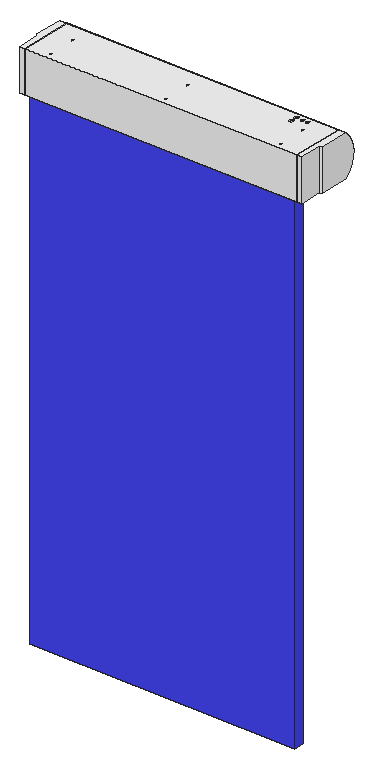
Revit family "Thermoscreens_AirCurtain_PHV1500", category Mechanical Equipment, Revit 2015
Parameters (values of type "PHV ENT1500")
  Weight = "45Kg"
  Warranty = "unit cover from date of purchase for 2 years"
  Version = "1.0"
  UnitWidth = 317 mm
  UnitLength = 1660 mm
  UnitHeight = 255 mm
  URL = "http://www.thermoscreens.com/"
  Type Comments = "n/a"
  TemperatureClassifaction = "low temperature"
  Supply(5Hz) = "400V3P&N"
  RightHand = no
  ProductURL = "http://www.thermoscreens.com/our-product-range/phv-range"
  Model = "PHV ENT"
  MaxiumMountingHeight = "maxium mounting height is up to 4 meters"
  Max.Velocity(m/s) = "12.0"
  Max.AirVolume (m3/h) = "4020"
  Material = "20g bondcoat"
  Manufacturer = "Thermoscreens ltd"
  Loading (A)*PerPhase = "27.9"
  LeftHand = yes
  Keynote = "n/a"
  Help = "http://www.thermoscreens.com/contact-us"
  HeatSource = "Electric heated elements or low pressure hot water coils"
  Heat Output = "9/18"
  Finish = "pre painted textured RAL 9010"
  Description = "Thermoscreens PHV range of air curtains will provide climate separation and available in standard widths of 1, 1.5 and 2m.  Models available are ambient (without heating), electrical or water heated versions. Water heated (LPHW) versions are available with 2 and 3 row coils. Motorised three port valves are supplied as standard with all LPHW models. Electrical and LPHW models are supplied complete with Ecopower control."
  Cost = 0
  CenterY = UnitLength / 2  # 830 mm
  CenterX = UnitWidth / 2  # 158.5 mm
  Author = "Thermoscreens ltd"
  Assembly Code = "n/a"
  **dB(A)@3mMed = "57"
  **dB(A)@3mLow = "53"
  **dB(A)@3mHigh = "60"
Types (5, lengths in mm): name | Weight | Supply(5Hz) | Model | Max.Velocity(m/s) | Max.AirVolume (m3/h) | Material | Loading (A)*PerPhase | Heat Output
  (no name) | "45Kg" | "400V3P&N" | "PHV ENT" | "12.0" | "4020" | "20g bondcoat" | "27.9" | "9/18"
  PHV ANT1500 | "43Kg" | "230V1P&N" | "PHV ANT" | "12.0" | "4020" | "20 gauge sheet steel" | "1.8" | "n/a"
  PHV ENT1500 | "45Kg" | "400V3P&N" | "PHV ENT" | "12.0" | "4020" | "20g bondcoat" | "27.9" | "9/18"
  PHV 82/71 WNT 1500 | "47Kg" | "230V1P&N" | "PHV 82/71 WNT" | "11" | "3670" | "20g bondcoat" | "1.8" | "18"
  PHV 60/40 WNT1500 | "47Kg" | "230V1P&N" | "PHV 60/40 WNT" | "10.5" | "3300" | "20g bondcoat" | "1.8" | "18"
Reference planes
  plane 1 "Center (Front/Back)": y = 0
  plane 2: z = 0
  plane 3 "Center (Left/Right)": x = 0
Forms (mm)
  Extrusion 1, solid, material "Default"
    sketch origin (0, 0, 0) x (1, 0, 0) y (0, 1, 0)
      loop
        line (-830, 158.5) -> (-830, -158.5) -> (830, -158.5) -> (830, 158.5) -> (-830, 158.5)
    from 0 to -0.9
  Extrusion 2, solid, material "Default"
    sketch origin (830, -158.5, 0) x (-1, 0, 0) y (0, 0, -1)
      loop
        line (1660, 0.9) -> (0, 0.9) -> (0, -254.1) -> (1660, -254.1) -> (1660, 0.9)
    from 0 to -0.9
  Extrusion 3, solid, material "Default"
    sketch origin (-830, -158.5, 254.1) x (1, 0, 0) y (0, 1, 0)
      loop
        line (0, 0) -> (1660, 0) -> (1660, 317) -> (0, 317) -> (0, 0)
    from 0 to -0.9
  Extrusion 4, solid, material "Default"
    sketch origin (830, -158.5, 254.1) x (0, 0, -1) y (0, 1, 0)
      loop
        line (0, 317) -> (255, 317) -> (220, 347)
        arc (220, 347) -> (127.5, 377) -> (35, 347) r 157.604
        line (35, 347) -> (0, 317)
    from 0 to -1660
  Extrusion 5, solid, material "Default"
    sketch origin (830, -158.5, 254.1) x (0, 0, -1) y (0, 1, 0)
      loop
        line (0, 317) -> (0, 0) -> (255, 0) -> (255, 317) -> (220, 347)
        arc (220, 347) -> (127.5, 377) -> (35, 347) r 157.604
        line (35, 347) -> (0, 317)
    from 0 to 30
  Extrusion 6, solid, material "Default"
    sketch origin (860, -158.5, 254.1) x (0, 0, -1) y (0, 1, 0)
      loop
        line (0, 317) -> (0, 130) -> (255, 130) -> (255, 317) -> (220, 347)
        arc (220, 347) -> (127.5, 377) -> (35, 347) r 157.604
        line (35, 347) -> (0, 317)
    from 0 to 13
  Extrusion 7, void
    sketch origin (860, 101.5, 254.1) x (1, 0, 0) y (0, -1, 0)
      loop
        line (13, 130) -> (0, 130) -> (13, 117) -> (13, 130)
    from 0 to 255
  Extrusion 8, solid, material "Default"
    sketch origin (-830, -158.5, -0.9) x (0, 0, 1) y (0, 1, 0)
      loop
        line (0, 0) -> (255, 0) -> (255, 317) -> (220, 347)
        arc (220, 347) -> (127.5, 377) -> (35, 347) r 157.604
        line (35, 347) -> (0, 317) -> (0, 0)
    from 0 to 30
  Extrusion 9, solid, material "Default"
    sketch origin (-860, -158.5, -0.9) x (0, 0, 1) y (0, 1, 0)
      loop
        line (255, 129.768) -> (255, 317) -> (220, 347)
        arc (220, 347) -> (127.5, 377) -> (35, 347) r 157.604
        line (35, 347) -> (0, 317) -> (0, 129.768) -> (255, 129.768)
    from 0 to 13
  Extrusion 10, void
    sketch origin (-860, -28.732, 254.1) x (-1, 0, 0) y (0, 1, 0)
      loop
        line (0, 0) -> (13, 0) -> (13, 13) -> (0, 0)
    from 0 to 255
  Extrusion 11, solid, material "AIR FLOW"
    sketch origin (-830, -158.5, -0.9) x (0, -1, 0) y (-1, 0, 0)
      loop
        line (-10.9, -1640) -> (-10.9, -20) -> (-70.9, -20) -> (-70.9, -1640) -> (-10.9, -1640)
    from 0 to 3000
  Extrusion 12, void
    sketch origin (-830, -158.5, -0.9) x (-1, 0, 0) y (0, -1, 0)
      loop
        line (-1640, -70.9) -> (-20, -70.9) -> (-20, -10.9) -> (-1640, -10.9) -> (-1640, -70.9)
    from 0 to 10
  Extrusion 13, void
    sketch origin (-830, -158.5, 254.1) x (0, 1, 0) y (1, 0, 0)
      loop
        circle (242, 1432) r 12.5
      loop
        circle (280, 1432) r 12.5
      loop
        circle (280, 1472) r 10
      loop
        circle (280, 1502) r 10
    from 0 to 1
  Extrusion 14, void
    sketch origin (-830, -158.5, 254.1) x (0, 1, 0) y (1, 0, 0)
      loop
        circle (36, 1530) r 5
      loop
        circle (204, 1530) r 5
      loop
        circle (204, 830) r 5
      loop
        circle (36, 830) r 5
      loop
        circle (36, 130) r 5
      loop
        circle (204, 130) r 5
    from 0 to 1
Cuts and joins
  Extrusion 12, Extrusion 13, Extrusion 14 cuts Extrusion 1
  Extrusion 12, Extrusion 13, Extrusion 14 cuts Extrusion 2
  Extrusion 12, Extrusion 13, Extrusion 14 cuts Extrusion 3
  joined: Extrusion 1, Extrusion 2, Extrusion 3
  Extrusion 7 cuts Extrusion 5
  Extrusion 7 cuts Extrusion 6
  joined: Extrusion 5, Extrusion 6
  Extrusion 10 cuts Extrusion 9
  joined: Extrusion 8, Extrusion 9
  Extrusion 12 cuts Extrusion 11
Dimensions and locks
  "UnitLength": Extrusion 1 sketch curve to Extrusion 1 sketch curve
  "UnitWidth": Extrusion 1 sketch curve to Extrusion 1 sketch curve
  "CenterY": Extrusion 1 sketch curve to plane 3 "Center (Left/Right)"
  "CenterX": plane 1 "Center (Front/Back)" to Extrusion 1 sketch curve
  "UnitLength": Extrusion 2 sketch curve to Extrusion 2 sketch curve
  "UnitHeight": Extrusion 2 sketch curve to Extrusion 1
  aligned and locked: level to plane 2
Automatic sketch dimensions
  Extrusion 3 sketch curve to Extrusion 2 = 0 mm  (x3)
  Extrusion 3 sketch curve to Extrusion 2 = 316.1 mm
  Extrusion 2 to Extrusion 4 sketch curve = 0 mm  (x2)
  Extrusion 4 sketch curve to Extrusion 2 = 35 mm  (x2)
  Extrusion 4 sketch curve to Extrusion 2 = 218.496 mm
  Extrusion 4 sketch curve to Extrusion 4 sketch curve = 97.604 mm
  Extrusion 4 sketch curve to Extrusion 2 = 127.5 mm
  Extrusion 4 sketch curve to Extrusion 4 sketch curve = 30 mm
  Extrusion 5 sketch curve to Extrusion 2 = 0 mm  (x3)
  Extrusion 5 sketch curve to Extrusion 2 = 316.1 mm
  Extrusion 5 sketch curve to Extrusion 2 = 35 mm  (x2)
  Extrusion 5 sketch curve to Extrusion 2 = 127.5 mm
  Extrusion 5 sketch curve to Extrusion 5 sketch curve = 127.604 mm
  Extrusion 6 sketch curve to Extrusion 5 = 0 mm  (x4)
  Extrusion 6 sketch curve to Extrusion 5 = 130 mm
  Extrusion 5 to Extrusion 6 sketch curve = 0 mm  (x2)
  Extrusion 7 sketch curve to Extrusion 6 = 0 mm  (x3)
  Extrusion 6 to Extrusion 7 sketch curve = 13 mm
  Extrusion 8 to Extrusion 9 sketch curve = 0 mm  (x2)
  Extrusion 9 sketch curve to Extrusion 8 = 0 mm  (x4)
  Extrusion 9 sketch curve to Extrusion 8 = 35 mm
  Extrusion 9 sketch curve to Extrusion 8 = 127.5 mm
  Extrusion 9 sketch curve to Extrusion 9 sketch curve = 89.627 mm
  Extrusion 10 sketch curve to Extrusion 9 = 0 mm  (x3)
  Extrusion 9 to Extrusion 10 sketch curve = 13 mm
  Extrusion 5 sketch curve to Extrusion 5 sketch curve = 97.604 mm
  Extrusion 5 sketch curve to Extrusion 5 sketch curve = 30 mm
  Extrusion 2 to Extrusion 8 sketch curve = 0 mm
  Extrusion 8 sketch curve to Extrusion 2 = 0 mm  (x2)
  Extrusion 8 sketch curve to Extrusion 2 = 35 mm
  Extrusion 2 to Extrusion 8 sketch curve = 127.5 mm
  Extrusion 2 to Extrusion 8 sketch curve = 35 mm
  Extrusion 8 sketch curve to Extrusion 2 = 218.496 mm
  Extrusion 8 sketch curve to Extrusion 8 sketch curve = 97.604 mm  (x2)
  Extrusion 8 sketch curve to Extrusion 8 sketch curve = 30 mm
  Extrusion 9 sketch curve to Extrusion 9 sketch curve = 127.604 mm
  Extrusion 11 sketch curve to Extrusion 2 = 20 mm  (x2)
  Extrusion 2 to Extrusion 11 sketch curve = 70 mm
  Extrusion 2 to Extrusion 11 sketch curve = 10 mm
  Extrusion 12 sketch curve to Extrusion 2 = 20 mm  (x2)
  Extrusion 2 to Extrusion 12 sketch curve = 70 mm
  Extrusion 2 to Extrusion 12 sketch curve = 10 mm
  Extrusion 13 sketch curve to Extrusion 2 = 241.1 mm
  Extrusion 2 to Extrusion 13 sketch curve = 158 mm
  Extrusion 13 sketch curve to Extrusion 13 sketch curve = 0 mm  (x2)
  Extrusion 13 sketch curve to Extrusion 13 sketch curve = 40 mm
  Extrusion 13 sketch curve to Extrusion 13 sketch curve = 38 mm  (x2)
  Extrusion 13 sketch curve to Extrusion 13 sketch curve = 30 mm
  Extrusion 14 sketch curve to Extrusion 2 = 35.1 mm  (x3)
  Extrusion 14 sketch curve to Extrusion 14 sketch curve = 168 mm  (x3)
  Extrusion 2 to Extrusion 14 sketch curve = 130 mm  (x2)
  Extrusion 14 sketch curve to Extrusion 14 sketch curve = 700 mm
  Extrusion 14 sketch curve to Extrusion 14 sketch curve = 0 mm
  Extrusion 14 sketch curve to Extrusion 2 = 130 mm  (x2)
  Extrusion 2 sketch curve to Extrusion 1 = 0 mm  (x2)
  radius of Extrusion 6 sketch curve to Extrusion 5 = 0 mm
  radius of Extrusion 13 sketch curve = 12.5 mm  (x2)
  radius of Extrusion 13 sketch curve = 10 mm  (x2)
  radius of Extrusion 14 sketch curve = 5 mm  (x6)
Connectors
  electrical at (642, 121.5, 254.1)
    settings: on cut or joined group of Extrusion 1, Extrusion 2, Extrusion 3, Extrusion 12, Extrusion 13, Extrusion 14, index 1, voltage 0 V, apparent load 0 VA, apparent load phase1 0 VA, apparent load phase2 0 VA, apparent load phase3 0 VA, power factor 1, load classification "Other", number of poles 1, system type 31, power factor state 1, is connector primary yes, connector utility no, sub classification motor no, connector description ""
  electrical at (672, 121.5, 254.1)
    settings: on cut or joined group of Extrusion 1, Extrusion 2, Extrusion 3, Extrusion 12, Extrusion 13, Extrusion 14, index 2, voltage 0 V, apparent load 0 VA, apparent load phase1 0 VA, apparent load phase2 0 VA, apparent load phase3 0 VA, power factor 1, load classification "Other", number of poles 1, system type 31, power factor state 1, is connector primary no, connector utility no, sub classification motor no, connector description ""
  piping at (602, 83.5, 254.1), diameter 25
    settings: on cut or joined group of Extrusion 1, Extrusion 2, Extrusion 3, Extrusion 12, Extrusion 13, Extrusion 14, index 3, connector inside diameter 609.6 mm, connector length 0 mm, flow factor 0, pipe flow 0.0 L/s, pressure drop 0.0 Pa, fitting loss kfactor 0, connector angle 0.00°, fixture units 0, engagement length 0 mm, angle of deflection 0.00°, flow configuration 0, flow direction 2, fitting loss method 0, system type 19, joint type 0, gender type 0, connector reference index -1, connector utility 0, adjustable connector no, is connector primary yes, connector description ""
  piping at (602, 121.5, 254.1), diameter 25
    settings: on cut or joined group of Extrusion 1, Extrusion 2, Extrusion 3, Extrusion 12, Extrusion 13, Extrusion 14, index 4, connector inside diameter 609.6 mm, connector length 0 mm, flow factor 0, pipe flow 0.0 L/s, pressure drop 0.0 Pa, fitting loss kfactor 0, connector angle 0.00°, fixture units 0, engagement length 0 mm, angle of deflection 0.00°, flow configuration 0, flow direction 0, fitting loss method 0, system type 19, joint type 0, gender type 0, connector reference index -1, connector utility 0, adjustable connector no, is connector primary no, connector description ""
  piping at (700, 45.5, 254.1), diameter 10
    settings: on cut or joined group of Extrusion 1, Extrusion 2, Extrusion 3, Extrusion 12, Extrusion 13, Extrusion 14, index 5, connector inside diameter 609.6 mm, connector length 0 mm, flow factor 0, pipe flow 0.0 L/s, pressure drop 0.0 Pa, fitting loss kfactor 0, connector angle 0.00°, fixture units 0, engagement length 0 mm, angle of deflection 0.00°, flow configuration 0, flow direction 0, fitting loss method 0, system type 28, joint type 0, gender type 0, connector reference index -1, connector utility 0, adjustable connector no, is connector primary no, connector description ""
  piping at (700, -122.5, 254.1), diameter 10
    settings: on cut or joined group of Extrusion 1, Extrusion 2, Extrusion 3, Extrusion 12, Extrusion 13, Extrusion 14, index 6, connector inside diameter 609.6 mm, connector length 0 mm, flow factor 0, pipe flow 0.0 L/s, pressure drop 0.0 Pa, fitting loss kfactor 0, connector angle 0.00°, fixture units 0, engagement length 0 mm, angle of deflection 0.00°, flow configuration 0, flow direction 0, fitting loss method 0, system type 28, joint type 0, gender type 0, connector reference index -1, connector utility 0, adjustable connector no, is connector primary no, connector description ""
  piping at (0, -122.5, 254.1), diameter 10
    settings: on cut or joined group of Extrusion 1, Extrusion 2, Extrusion 3, Extrusion 12, Extrusion 13, Extrusion 14, index 7, connector inside diameter 609.6 mm, connector length 0 mm, flow factor 0, pipe flow 0.0 L/s, pressure drop 0.0 Pa, fitting loss kfactor 0, connector angle 0.00°, fixture units 0, engagement length 0 mm, angle of deflection 0.00°, flow configuration 0, flow direction 0, fitting loss method 0, system type 28, joint type 0, gender type 0, connector reference index -1, connector utility 0, adjustable connector no, is connector primary no, connector description ""
  piping at (0, 45.5, 254.1), diameter 10
    settings: on cut or joined group of Extrusion 1, Extrusion 2, Extrusion 3, Extrusion 12, Extrusion 13, Extrusion 14, index 8, connector inside diameter 609.6 mm, connector length 0 mm, flow factor 0, pipe flow 0.0 L/s, pressure drop 0.0 Pa, fitting loss kfactor 0, connector angle 0.00°, fixture units 0, engagement length 0 mm, angle of deflection 0.00°, flow configuration 0, flow direction 0, fitting loss method 0, system type 28, joint type 0, gender type 0, connector reference index -1, connector utility 0, adjustable connector no, is connector primary no, connector description ""
  piping at (-700, -122.5, 254.1), diameter 10
    settings: on cut or joined group of Extrusion 1, Extrusion 2, Extrusion 3, Extrusion 12, Extrusion 13, Extrusion 14, index 10, connector inside diameter 609.6 mm, connector length 0 mm, flow factor 0, pipe flow 0.0 L/s, pressure drop 0.0 Pa, fitting loss kfactor 0, connector angle 0.00°, fixture units 0, engagement length 0 mm, angle of deflection 0.00°, flow configuration 0, flow direction 0, fitting loss method 0, system type 28, joint type 0, gender type 0, connector reference index -1, connector utility 0, adjustable connector no, is connector primary no, connector description ""
  piping at (-700, 45.5, 254.1), diameter 10
    settings: on cut or joined group of Extrusion 1, Extrusion 2, Extrusion 3, Extrusion 12, Extrusion 13, Extrusion 14, index 11, connector inside diameter 609.6 mm, connector length 0 mm, flow factor 0, pipe flow 0.0 L/s, pressure drop 0.0 Pa, fitting loss kfactor 0, connector angle 0.00°, fixture units 0, engagement length 0 mm, angle of deflection 0.00°, flow configuration 0, flow direction 0, fitting loss method 0, system type 28, joint type 0, gender type 0, connector reference index -1, connector utility 0, adjustable connector no, is connector primary no, connector description ""
